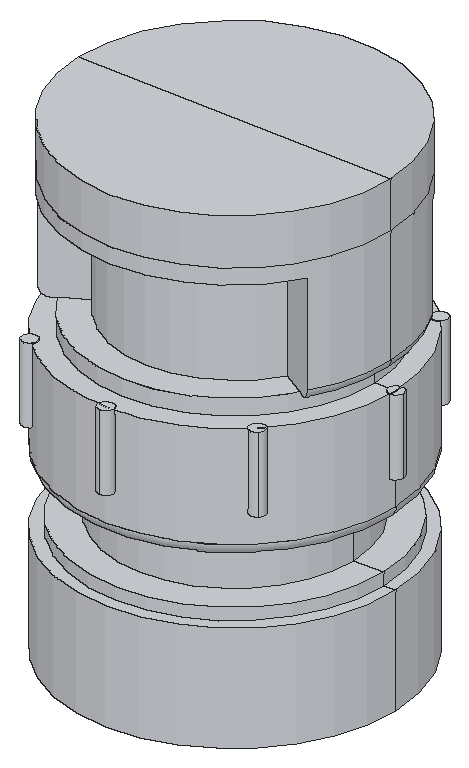
Revit family
Parameters
  URL = "www.SiouxChief.com"
  Type Comments = ""
  Model = "250-122"
  Manufacturer = "Sioux Chief Manufacturing"
  Description = "2\" TurboVent Body w/Dual Fit Adapter"
Reference planes (in)
  plane 1 "Center (Front/Back)": y = 0
  plane 2: z = 0
  plane 3 "Center (Left/Right)": x = 0
  plane 4: z = 0.7565
  plane 5: z = 1.6784
  plane 6 "top": z = 2.1932
Forms (in)
  Revolve 1, solid
    sketch origin (0, 0, 0) x (1, 0, 0) y (0, 0, 1)
      loop
        line (0, 0) -> (1.167, 0) -> (1.167, 0.7565) -> (1.21535, 0.7565)
        arc (1.21535, 0.7565) -> (1.27521, 0.78129) -> (1.3, 0.84115) r 0.08465
        line (1.3, 0.84115) -> (1.3, 1.8034) -> (0, 1.8034) -> (0, 0)
      axis (0, 1.8034) -> (0, 0)
    angle from 0 to 360
  Extrusion 2, void
    sketch origin (0.93075, -180, 0.7565) x (0, -1, 0) y (-1, 0, 0)
      loop
        line (-179.53502, 0.12538) -> (-179.35, -0.19508)
        arc (-179.35, -0.19508) -> (-178.7, 0.93075) -> (-179.35, 2.05658) r 1.3
        line (-179.35, 2.05658) -> (-179.53502, 1.73612)
        arc (-179.53502, 1.73612) -> (-179.07004, 0.93075) -> (-179.53502, 0.12538) r 0.92996
    from 0 to -0.9219
  Extrusion 3, void
    sketch origin (0.93075, 180, 0.7565) x (0, -1, 0) y (-1, 0, 0)
      loop
        arc (179.53502, 0.12538) -> (179.07004, 0.93075) -> (179.53502, 1.73612) r 0.92996
        line (179.53502, 1.73612) -> (179.35, 2.05658)
        arc (179.35, 2.05658) -> (178.7, 0.93075) -> (179.35, -0.19508) r 1.3
        line (179.35, -0.19508) -> (179.53502, 0.12538)
    from 0 to -0.9219
  Extrusion 4, void
    sketch origin (0.93075, -180, 0.7565) x (0, -1, 0) y (-1, 0, 0)
      loop
        line (-180.0755, 1.00322) -> (-180.0755, 0.84882) -> (-179.9245, 0.84882) -> (-179.9245, 1.00322) -> (-180.0755, 1.00322)
    from 0 to 0.7565
  Revolve 5, solid
    sketch origin (0, 0, 0) x (1, 0, 0) y (0, 0, 1)
      loop
        line (0, 0.62783) -> (0, -1.76217) -> (1.34375, -1.76217) -> (1.34375, -0.86217) -> (1.24375, -0.86217) -> (1.24375, -0.76217) -> (0.99375, -0.76217) -> (0.99375, -0.33717) -> (1.24375, -0.33717)
        arc (1.24375, -0.33717) -> (1.31446, -0.30788) -> (1.34375, -0.23717) r 0.1
        line (1.34375, -0.23717) -> (1.34375, 0.62783) -> (0, 0.62783)
      axis (0, 0.62783) -> (0, -1.76217)
    angle from 0 to 360
  Extrusion 6, solid
    sketch origin (0.93075, -180, 0.7565) x (0, -1, 0) y (-1, 0, 0)
      loop
        circle (-180, 2.2745) r 0.0625
      loop
        circle (-180.95017, 1.88092) r 0.0625
      loop
        circle (-178.65625, 0.93075) r 0.0625
      loop
        circle (-180, -0.413) r 0.0625
      loop
        circle (-180.95017, -0.01942) r 0.0625
      loop
        circle (-179.04983, 1.88092) r 0.0625
      loop
        circle (-179.04983, -0.01942) r 0.0625
      loop
        circle (-181.34375, 0.93075) r 0.0625
    from 0.12867 to 0.7565
  Extrusion 7, void
    sketch origin (0, 0, -1.76217) x (1, 0, 0) y (0, -1, 0)
      loop
        circle (0, 0) r 0.8
    from -2.39 to 1.19319
  Extrusion 8, void
    sketch origin (0, 0, -1.76217) x (1, 0, 0) y (0, -1, 0)
      loop
        circle (0, 0) r 1.195
    from 0 to -0.70575
  Revolve 9, solid
    sketch origin (0, 0, -0.125) x (1, 0, 0) y (0, 0, 1)
      loop
        line (-1.3, 1.8034) -> (0, 1.8034) -> (0, 2.3182) -> (-1.3, 2.3182) -> (-1.3, 1.8034)
      axis (0, 2.3182) -> (0, 1.8034)
    angle from 0 to 360
  Revolve 10, solid, not visible
    sketch origin (0, 0, 0) x (1, 0, 0) y (0, 0, 1)
      loop
        line (-1.3, 1.8034) -> (0, 1.8034) -> (0, 2.3182) -> (-1.3, 2.3182) -> (-1.3, 1.8034)
      axis (0, 2.3182) -> (0, 1.8034)
    angle from 0 to 360
  Revolve 11, solid, not visible
    sketch origin (0, 0, 0) x (1, 0, 0) y (0, 0, 1)
      loop
        line (-1.3, 1.8034) -> (0, 1.8034) -> (0, 2.3182) -> (-1.3, 2.3182) -> (-1.3, 1.8034)
      axis (0, 2.3182) -> (0, 1.8034)
    angle from 0 to 360
Cuts and joins
  Extrusion 2, Extrusion 3, Extrusion 4 cuts Revolve 1
  Extrusion 7, Extrusion 8 cuts Revolve 5
Lines and regions (in)
  model lines, not visible
    curve 1: line (0.88555, 0, 2.3182) -> (1.24582, 0, 2.3182)
    curve 2: arc (1.24582, 0, 2.3182) -> (0.98666, -0.36322, 2.3182) -> (0.62618, -0.62618, 2.3182) r 1.39666
    curve 3: line (0.62618, -0.62618, 2.3182) -> (0.88093, -0.88093, 2.3182)
    curve 4: arc (0.88093, -0.88093, 2.3182) -> (0.44084, -0.95451, 2.3182) -> (0, -0.88555, 2.3182) r 1.39666
    curve 5: line (0, -0.88555, 2.3182) -> (0, -1.24582, 2.3182)
    curve 6: arc (0, -1.24582, 2.3182) -> (-0.36322, -0.98666, 2.3182) -> (-0.62618, -0.62618, 2.3182) r 1.39666
    curve 7: line (-0.62618, -0.62618, 2.3182) -> (-0.88093, -0.88093, 2.3182)
    curve 8: arc (-0.88093, -0.88093, 2.3182) -> (-0.95451, -0.44084, 2.3182) -> (-0.88555, 0, 2.3182) r 1.39666
    curve 9: line (-0.88555, 0, 2.3182) -> (-1.24582, 0, 2.3182)
    curve 10: arc (-1.24582, 0, 2.3182) -> (-0.98666, 0.36322, 2.3182) -> (-0.62618, 0.62618, 2.3182) r 1.39666
    curve 11: line (-0.62618, 0.62618, 2.3182) -> (-0.88093, 0.88093, 2.3182)
    curve 12: arc (-0.88093, 0.88093, 2.3182) -> (-0.44084, 0.95451, 2.3182) -> (0, 0.88555, 2.3182) r 1.39666
    curve 13: line (0, 0.88555, 2.3182) -> (0, 1.24582, 2.3182)
    curve 14: arc (0, 1.24582, 2.3182) -> (0.36322, 0.98666, 2.3182) -> (0.62618, 0.62618, 2.3182) r 1.39666
    curve 15: line (0.62618, 0.62618, 2.3182) -> (0.88093, 0.88093, 2.3182)
    curve 16: arc (0.88093, 0.88093, 2.3182) -> (0.95451, 0.44084, 2.3182) -> (0.88555, 0, 2.3182) r 1.39666
    curve 17: line (0.88555, 0, 2.3182) -> (1.24582, 0, 2.3182)
    curve 18: arc (1.24582, 0, 2.3182) -> (0.98666, -0.36322, 2.3182) -> (0.62618, -0.62618, 2.3182) r 1.39666
    curve 19: line (0.62618, -0.62618, 2.3182) -> (0.88093, -0.88093, 2.3182)
    curve 20: arc (0.88093, -0.88093, 2.3182) -> (0.44084, -0.95451, 2.3182) -> (0, -0.88555, 2.3182) r 1.39666
    curve 21: line (0, -0.88555, 2.3182) -> (0, -1.24582, 2.3182)
    curve 22: arc (0, -1.24582, 2.3182) -> (-0.36322, -0.98666, 2.3182) -> (-0.62618, -0.62618, 2.3182) r 1.39666
    curve 23: line (-0.62618, -0.62618, 2.3182) -> (-0.88093, -0.88093, 2.3182)
    curve 24: arc (-0.88093, -0.88093, 2.3182) -> (-0.95451, -0.44084, 2.3182) -> (-0.88555, 0, 2.3182) r 1.39666
    curve 25: line (-0.88555, 0, 2.3182) -> (-1.24582, 0, 2.3182)
    curve 26: arc (-1.24582, 0, 2.3182) -> (-0.98666, 0.36322, 2.3182) -> (-0.62618, 0.62618, 2.3182) r 1.39666
    curve 27: line (-0.62618, 0.62618, 2.3182) -> (-0.88093, 0.88093, 2.3182)
    curve 28: arc (-0.88093, 0.88093, 2.3182) -> (-0.44084, 0.95451, 2.3182) -> (0, 0.88555, 2.3182) r 1.39666
    curve 29: line (0, 0.88555, 2.3182) -> (0, 1.24582, 2.3182)
    curve 30: arc (0, 1.24582, 2.3182) -> (0.36322, 0.98666, 2.3182) -> (0.62618, 0.62618, 2.3182) r 1.39666
    curve 31: line (0.62618, 0.62618, 2.3182) -> (0.88093, 0.88093, 2.3182)
    curve 32: arc (0.88093, 0.88093, 2.3182) -> (0.95451, 0.44084, 2.3182) -> (0.88555, 0, 2.3182) r 1.39666
  model lines
    curve 33: line (0.88555, 0.01883, 2.1932) -> (1.24582, 0.01883, 2.1932)
    curve 34: arc (1.24582, 0.01883, 2.1932) -> (0.98666, -0.3444, 2.1932) -> (0.62618, -0.60736, 2.1932) r 1.39666
    curve 35: line (0.62618, -0.60736, 2.1932) -> (0.88093, -0.8621, 2.1932)
    curve 36: arc (0.88093, -0.8621, 2.1932) -> (0.44084, -0.93569, 2.1932) -> (0, -0.86673, 2.1932) r 1.39666
    curve 37: line (0, -0.86673, 2.1932) -> (0, -1.22699, 2.1932)
    curve 38: arc (0, -1.22699, 2.1932) -> (-0.36322, -0.96784, 2.1932) -> (-0.62618, -0.60736, 2.1932) r 1.39666
    curve 39: line (-0.62618, -0.60736, 2.1932) -> (-0.88093, -0.8621, 2.1932)
    curve 40: arc (-0.88093, -0.8621, 2.1932) -> (-0.95451, -0.42201, 2.1932) -> (-0.88555, 0.01883, 2.1932) r 1.39666
    curve 41: line (-0.88555, 0.01883, 2.1932) -> (-1.24582, 0.01883, 2.1932)
    curve 42: arc (-1.24582, 0.01883, 2.1932) -> (-0.98666, 0.38205, 2.1932) -> (-0.62618, 0.64501, 2.1932) r 1.39666
    curve 43: line (-0.62618, 0.64501, 2.1932) -> (-0.88093, 0.89975, 2.1932)
    curve 44: arc (-0.88093, 0.89975, 2.1932) -> (-0.44084, 0.97334, 2.1932) -> (0, 0.90438, 2.1932) r 1.39666
    curve 45: line (0, 0.90438, 2.1932) -> (0, 1.26464, 2.1932)
    curve 46: arc (0, 1.26464, 2.1932) -> (0.36322, 1.00549, 2.1932) -> (0.62618, 0.64501, 2.1932) r 1.39666
    curve 47: line (0.62618, 0.64501, 2.1932) -> (0.88093, 0.89975, 2.1932)
    curve 48: arc (0.88093, 0.89975, 2.1932) -> (0.95451, 0.45966, 2.1932) -> (0.88555, 0.01883, 2.1932) r 1.39666
Dimensions and locks (in)
  aligned and locked: plane 2 to level
  aligned and locked: Extrusion 2 to plane 5
  aligned and locked: Extrusion 2 to cut or joined group of Revolve 1, Extrusion 2, Extrusion 3, Extrusion 4
  aligned and locked: Revolve 1 to Extrusion 4
  aligned and locked: Extrusion 4 to level
  aligned and locked: Extrusion 6 to Revolve 5
  aligned and locked: Extrusion 6 to level
  aligned and locked: Revolve 5 to Extrusion 7
  aligned and locked: cut or joined group of Revolve 5, Extrusion 7, Extrusion 8 to Extrusion 8
Connectors (in)
  piping at (0, 0, -1.76217)
    settings: on cut or joined group of Revolve 5, Extrusion 7, Extrusion 8, index 1, connector radius 1", flow factor 0, pipe flow 0 GPM, pressure drop 0.00 psi, fitting loss kfactor 0, connector angle 0.00°, fixture units 0, flow configuration 0, flow direction 0, fitting loss method 0, system type 22, connector reference index -1, connector utility 0, adjustable connector no, is connector primary yes, fitting loss table "", connector description "2\" PVC"
